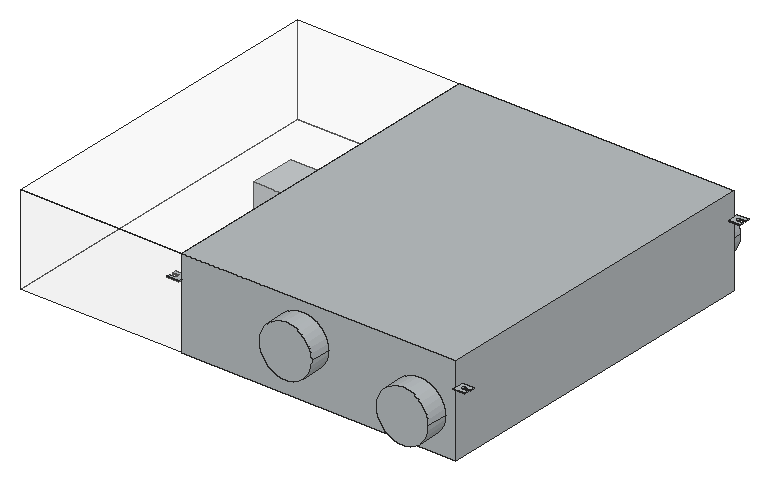
Revit family "lgh-n50_100rkx2(d)_rks2(d)_60Hz", category 機械設備, Revit 2019
Family settings
  丸型コネクタ寸法 = 直径を使用
  パーツ タイプ = 標準
  OmniClass 番号 = 23.75.10.34.21
  OmniClass タイトル = Heat Exchangers for Ventilation Air
  作業面ベース = いいえ
  常に垂直 = はい
  ロード時にボイドで切り取り = いいえ
  共有 = いいえ
  部屋計算ポイント = はい
Parameters (values of type "LGH-N50RKS2")
  騒音レベル(dB(A)) = 35.5
  風量 = MAX風量  # 500.0 m³/h
  面風速 = 4.4 m/s
  電源種別 [instance] = ""
  電圧 = 100 V
  電動機出力 = 0 W
  集中コントローラ = ""
  運転質量 = 0.00 kg
  連動 [instance] = ""
  質量 = if(製品質量 > 運転質量, 製品質量, 運転質量) * 1.2  # 60.00 kg
  負荷分類 = 3_ファン類
  説明 = "業務用ロスナイ 天井埋込形加湿付"
  設計風量 = 0.0 m³/h
  設置方法 = "天井吊(隠ぺい)形"
  記号 [instance] = ""
  製造元 = "三菱電機株式会社"
  製品質量 = 50.00 kg
  製品出荷対象 = "国内"
  製品リリース年月 = "2015/1/30"
  製品グループ = ""
  給水管_D = 358 mm
  給水管_H = 92 mm
  給水管_Depth = 10 mm
  系統 [instance] = ""
  符号 = "HEU"
  積算_科目 = "1 空気調和設備"
  積算_拾い区分 [instance] = ""
  相 = 1
  盤記号 [instance] = ""
  発停方法 [instance] = ""
  特殊仕様 [instance] = ""
  点検口高さ = -Height  # -331 mm
  点検口離隔 = 150 mm
  点検口2_Width = 点検口2_Depth  # 450 mm
  点検口1_Width = 点検口1_Depth  # 450 mm
  点検口2_Depth = 450 mm
  点検口1_Depth = 450 mm
  点検口1_Center = 444 mm
  点検口 = yes
  火災停止 [instance] = ""
  温度交換効率 = 74.00%
  消費電力_加湿器 = 0 W
  消費電力 = 356 W
  法定耐用年数 = "15"
  機外静圧_排気 = 170.0 Pa
  機外静圧 = 170.0 Pa
  極数 = 2
  材質 [instance] = ""
  本体マテリアル = 溶融亜鉛めっき鋼板
  有効加湿量 = 1.4
  操作・制御方式 = ""
  操作・制御スイッチ = ""
  排気量 = 0.0 m³/h
  形式_加湿器 = ""
  形式 = "天井埋込ダクト形"
  幹線記号 [instance] = ""
  対象室 [instance] = ""
  実風量 = 0.0 m³/h
  始動方式 [instance] = "直入"
  天吊金具_径 = 6.5 mm
  天吊金具_幅 = 20 mm
  外気量 = 設計風量  # 0.0 m³/h
  呼称 = "全熱交換ユニット"
  周波数 = 60 Hz
  吊りボルトピッチ2 = 1275 mm
  吊りボルトピッチ1 = 1064 mm
  吊りボルト_高さ = 85 mm
  参照している仕様書等のバージョン = ""
  加湿給水管径 = 21.7 mm
  初期抵抗 = 0.0 Pa
  分類コード = "50052504100070"
  分類グループ = ""
  価格 = 497000
  企業コード = "108420"
  付属品_フィルター_還気 = ""
  付属品_フィルター = ""
  付属品 [instance] = ""
  仕様書バージョン = "Version1.0"
  モデル = "LGH-N50RKS2"
  メンテナンススペース = yes
  ドレン管径 = 32 mm
  ドレン管_D = 307 mm
  ドレン管_H = 25 mm
  ドレン管_Depth = 10 mm
  コメント [instance] = ""
  Keynote = ""
  エンタルピ交換効率_暖房 = 68.50%
  エンタルピ交換効率_冷房 = 68.00%
  Assembly Code = ""
  Width = 1016 mm
  Version = ""
  Uniclass2015Version = "Systems v1.9"
  Uniclass2015Title = "Thermal wheels"
  Uniclass2015Code = "Pr_60_60_36_88"
  URL = "https://www.mitsubishielectric.co.jp/ldg/wink/ssl/displayProduct.do?pid=254501"
  SpecificationReference = ""
  SpecificationDescription = ""
  SMAX風量 = 500.0 m³/h
  SMAX静圧 = 170.0 Pa
  SAサイズ_W = 0 mm
  SAサイズ_D = 192 mm
  Revision = ""
  RAサイズ_W = 0 mm
  RAサイズ_D = 192 mm
  ProductInformation = ""
  OmniClassCode = "23-27 23 19 11"
  OAダクト接続口方向_標準 = yes
  OAダクト接続口方向_変更 = not(OAダクト接続口方向_標準)  # no
  OAサイズ_W = 0 mm
  OAサイズ_D = 192 mm
  MIN風量 = 205.0 m³/h
  MIN静圧 = 13.0 Pa
  MID風量 = 345.0 m³/h
  MID静圧 = 60.0 Pa
  MAX風量 = 500.0 m³/h
  MAX静圧 = 130.0 Pa
  IfcTypeProduct = ""
  IfcProduct = ""
  IfcExportType = "ROTARYWHEEL"
  IfcExportAs = "IfcAirToAirHeatRecoveryType"
  Height = 331 mm
  EAダクト接続口方向_標準 = yes
  EAダクト接続口方向_変更 = not(EAダクト接続口方向_標準)  # no
  EAサイズ_W = 0 mm
  EAサイズ_D = 192 mm
  Duct_Width_RA = 373 mm
  Duct_Pitch_SA_RA = 434 mm
  Duct_Pitch_OA_EA = 745 mm
  Duct_Height_SA = 199 mm
  Duct_Height = 135 mm
  Duct_Depth = 79 mm
  Duct_Change_Center = 124 mm
  Depth = 1288 mm
  Clearance Top = 0 mm
  Clearance Left = 600 mm
  Clearance Bottom = 0 mm
  Box_Depth = 172 mm
  Box_Height = 262 mm
  Box_H = 12 mm
  Box_Width = 115 mm
  Box_D = 476 mm
  Author = "三菱電機株式会社"
Types (16, lengths in mm): name | 騒音レベル(dB(A)) | 風量 | 面風速 | 電圧 | 質量 | 製品質量 | 給水管_D | 給水管_H | 点検口高さ | 点検口1_Center | 温度交換効率 | 消費電力 | 機外静圧_排気 | 機外静圧 | 極数 | 有効加湿量 | 天吊金具_径 | 天吊金具_幅 | 吊りボルトピッチ2 | 吊りボルトピッチ1 | 吊りボルト_高さ | 参照している仕様書等のバージョン | 価格 | モデル | ドレン管_D | ドレン管_H | エンタルピ交換効率_暖房 | エンタルピ交換効率_冷房 | Width | URL | SMAX風量 | SMAX静圧 | SAサイズ_D | RAサイズ_D | OAサイズ_D | MIN風量 | MIN静圧 | MID風量 | MID静圧 | MAX風量 | MAX静圧 | Height | EAサイズ_D | Duct_Width_RA | Duct_Pitch_SA_RA | Duct_Pitch_OA_EA | Duct_Height_SA | Duct_Height | Duct_Change_Center | Depth | Clearance Top | Box_H | Box_D
  LGH-N50RKS2 | 35.5 | 500.0 m³/h | 4.4 m/s | 100 V | 60.00 kg | 50.00 kg | 358 | 92 | -331 | 444 | 74.00% | 356 W | 170.0 Pa | 170.0 Pa | 2 | 1.4 | 6.5 | 20 | 1275 | 1064 | 85 | "" | 497000 | "LGH-N50RKS2" | 307 | 25 | 68.50% | 68.00% | 1016 | "https://www.mitsubishielectric.co.jp/ldg/wink/ssl/displayProduct.do?pid=254501" | 500.0 m³/h | 170.0 Pa | 192 | 192 | 192 | 205.0 m³/h | 13.0 Pa | 345.0 m³/h | 60.0 Pa | 500.0 m³/h | 130.0 Pa | 331 | 192 | 373 | 434 | 745 | 199 | 135 | 124 | 1288 | 0 | 12 | 476
  LGH-N50RKS2D | 35.5 | 500.0 m³/h | 4.4 m/s | 200 V | 60.00 kg | 50.00 kg | 358 | 92 | -331 | 444 | 74.00% | 345 W | 170.0 Pa | 170.0 Pa | 3 | 1.4 | 6.5 | 20 | 1275 | 1064 | 85 | "" | 497000 | "LGH-N50RKS2D" | 307 | 25 | 68.50% | 68.00% | 1016 | "https://www.mitsubishielectric.co.jp/ldg/wink/ssl/displayProduct.do?pid=254502" | 500.0 m³/h | 170.0 Pa | 192 | 192 | 192 | 180.0 m³/h | 10.0 Pa | 330.0 m³/h | 55.0 Pa | 500.0 m³/h | 130.0 Pa | 331 | 192 | 373 | 434 | 745 | 199 | 135 | 124 | 1288 | 0 | 12 | 476
  LGH-N50RKX2 | 35.5 | 500.0 m³/h | 4.4 m/s | 100 V | 60.00 kg | 50.00 kg | 358 | 92 | -331 | 444 | 74.00% | 356 W | 170.0 Pa | 170.0 Pa | 2 | 1.4 | 6.5 | 20 | 1275 | 1064 | 85 | "公共建築工事標準仕様書（機械設備工事編）平成31年度版" | 704000 | "LGH-N50RKX2" | 307 | 25 | 68.50% | 68.00% | 1016 | "https://www.mitsubishielectric.co.jp/ldg/wink/ssl/displayProduct.do?pid=254503" | 500.0 m³/h | 170.0 Pa | 192 | 192 | 192 | 205.0 m³/h | 13.0 Pa | 345.0 m³/h | 60.0 Pa | 500.0 m³/h | 130.0 Pa | 331 | 192 | 373 | 434 | 745 | 199 | 135 | 124 | 1288 | 0 | 12 | 476
  LGH-N50RKX2D | 35.5 | 500.0 m³/h | 4.4 m/s | 200 V | 60.00 kg | 50.00 kg | 358 | 92 | -331 | 444 | 74.00% | 345 W | 170.0 Pa | 170.0 Pa | 3 | 1.4 | 6.5 | 20 | 1275 | 1064 | 85 | "公共建築工事標準仕様書（機械設備工事編）平成31年度版" | 704000 | "LGH-N50RKX2D" | 307 | 25 | 68.50% | 68.00% | 1016 | "https://www.mitsubishielectric.co.jp/ldg/wink/ssl/displayProduct.do?pid=254504" | 500.0 m³/h | 170.0 Pa | 192 | 192 | 192 | 180.0 m³/h | 10.0 Pa | 330.0 m³/h | 55.0 Pa | 500.0 m³/h | 130.0 Pa | 331 | 192 | 373 | 434 | 745 | 199 | 135 | 124 | 1288 | 0 | 12 | 476
  LGH-N65RKS2 | 38 | 650.0 m³/h | 5.7 m/s | 100 V | 81.60 kg | 68.00 kg | 385 | 159 | -404 | 454 | 73.00% | 500 W | 195.0 Pa | 195.0 Pa | 2 | 1.84 | 6.5 | 30 | 1300 | 985 | 401 | "" | 564000 | "LGH-N65RKS2" | 190 | 23 | 68.50% | 67.50% | 954 | "https://www.mitsubishielectric.co.jp/ldg/wink/ssl/displayProduct.do?pid=254483" | 650.0 m³/h | 195.0 Pa | 192 | 192 | 192 | 240.0 m³/h | 19.0 Pa | 520.0 m³/h | 90.0 Pa | 650.0 m³/h | 140.0 Pa | 404 | 192 | 345 | 470 | 692 | 187 | 202 | 124 | 1390 | 300 | 13 | 543
  LGH-N65RKS2D | 38 | 650.0 m³/h | 5.7 m/s | 200 V | 81.60 kg | 68.00 kg | 385 | 159 | -404 | 454 | 73.00% | 505 W | 195.0 Pa | 195.0 Pa | 3 | 1.84 | 6.5 | 30 | 1300 | 985 | 401 | "" | 564000 | "LGH-N65RKS2D" | 190 | 23 | 68.50% | 67.50% | 954 | "https://www.mitsubishielectric.co.jp/ldg/wink/ssl/displayProduct.do?pid=254482" | 650.0 m³/h | 195.0 Pa | 192 | 192 | 192 | 240.0 m³/h | 19.0 Pa | 550.0 m³/h | 100.0 Pa | 650.0 m³/h | 140.0 Pa | 404 | 192 | 345 | 470 | 692 | 187 | 202 | 124 | 1390 | 300 | 13 | 543
  LGH-N65RKX2 | 38 | 650.0 m³/h | 5.7 m/s | 100 V | 81.60 kg | 68.00 kg | 385 | 159 | -404 | 454 | 73.00% | 500 W | 195.0 Pa | 195.0 Pa | 2 | 1.84 | 6.5 | 30 | 1300 | 985 | 401 | "公共建築工事標準仕様書（機械設備工事編）平成31年度版" | 797000 | "LGH-N65RKX2" | 190 | 23 | 68.50% | 67.50% | 954 | "https://www.mitsubishielectric.co.jp/ldg/wink/ssl/displayProduct.do?pid=254481" | 650.0 m³/h | 195.0 Pa | 192 | 192 | 192 | 240.0 m³/h | 19.0 Pa | 520.0 m³/h | 90.0 Pa | 650.0 m³/h | 140.0 Pa | 404 | 192 | 345 | 470 | 692 | 187 | 202 | 124 | 1390 | 300 | 13 | 543
  LGH-N65RKX2D | 38 | 650.0 m³/h | 5.7 m/s | 200 V | 81.60 kg | 68.00 kg | 385 | 159 | -404 | 454 | 73.00% | 505 W | 195.0 Pa | 195.0 Pa | 3 | 1.84 | 6.5 | 30 | 1300 | 985 | 401 | "公共建築工事標準仕様書（機械設備工事編）平成31年度版" | 797000 | "LGH-N65RKX2D" | 190 | 23 | 68.50% | 67.50% | 954 | "https://www.mitsubishielectric.co.jp/ldg/wink/ssl/displayProduct.do?pid=254480" | 650.0 m³/h | 195.0 Pa | 192 | 192 | 192 | 240.0 m³/h | 19.0 Pa | 550.0 m³/h | 100.0 Pa | 650.0 m³/h | 140.0 Pa | 404 | 192 | 345 | 470 | 692 | 187 | 202 | 124 | 1390 | 300 | 13 | 543
  LGH-N80RKS2 | 36 | 800.0 m³/h | 4.5 m/s | 100 V | 93.60 kg | 78.00 kg | 385 | 173 | -404 | 572 | 75.00% | 585 W | 200.0 Pa | 200.0 Pa | 2 | 2.21 | 7.5 | 30 | 1465 | 1043 | 401 | "" | 622000 | "LGH-N80RKS2" | 190 | 23 | 71.00% | 70.00% | 1004 | "https://www.mitsubishielectric.co.jp/ldg/wink/ssl/displayProduct.do?pid=254479" | 800.0 m³/h | 200.0 Pa | 242 | 242 | 242 | 240.0 m³/h | 10.0 Pa | 560.0 m³/h | 56.0 Pa | 800.0 m³/h | 115.0 Pa | 404 | 242 | 345 | 400 | 690 | 217 | 202 | 165 | 1572 | 300 | 126 | 571
  LGH-N80RKS2D | 36 | 800.0 m³/h | 4.5 m/s | 200 V | 93.60 kg | 78.00 kg | 385 | 173 | -404 | 572 | 75.00% | 625 W | 200.0 Pa | 200.0 Pa | 3 | 2.21 | 7.5 | 30 | 1465 | 1043 | 401 | "" | 622000 | "LGH-N80RKS2D" | 190 | 23 | 71.00% | 70.00% | 1004 | "https://www.mitsubishielectric.co.jp/ldg/wink/ssl/displayProduct.do?pid=254478" | 800.0 m³/h | 200.0 Pa | 242 | 242 | 242 | 270.0 m³/h | 13.0 Pa | 460.0 m³/h | 38.0 Pa | 800.0 m³/h | 115.0 Pa | 404 | 242 | 345 | 400 | 690 | 217 | 202 | 165 | 1572 | 300 | 126 | 571
  LGH-N80RKX2 | 36 | 800.0 m³/h | 4.5 m/s | 100 V | 93.60 kg | 78.00 kg | 385 | 173 | -404 | 572 | 75.00% | 585 W | 200.0 Pa | 200.0 Pa | 2 | 2.21 | 7.5 | 30 | 1465 | 1043 | 401 | "公共建築工事標準仕様書（機械設備工事編）平成31年度版" | 882000 | "LGH-N80RKX2" | 190 | 23 | 71.00% | 70.00% | 1004 | "https://www.mitsubishielectric.co.jp/ldg/wink/ssl/displayProduct.do?pid=254477" | 800.0 m³/h | 200.0 Pa | 242 | 242 | 242 | 240.0 m³/h | 10.0 Pa | 560.0 m³/h | 56.0 Pa | 800.0 m³/h | 115.0 Pa | 404 | 242 | 345 | 400 | 690 | 217 | 202 | 165 | 1572 | 300 | 126 | 571
  LGH-N80RKX2D | 36 | 800.0 m³/h | 4.5 m/s | 200 V | 93.60 kg | 78.00 kg | 385 | 173 | -404 | 572 | 75.00% | 625 W | 200.0 Pa | 200.0 Pa | 3 | 2.21 | 7.5 | 30 | 1465 | 1043 | 401 | "公共建築工事標準仕様書（機械設備工事編）平成31年度版" | 882000 | "LGH-N80RKX2D" | 190 | 23 | 71.00% | 70.00% | 1004 | "https://www.mitsubishielectric.co.jp/ldg/wink/ssl/displayProduct.do?pid=254476" | 800.0 m³/h | 200.0 Pa | 242 | 242 | 242 | 270.0 m³/h | 13.0 Pa | 460.0 m³/h | 38.0 Pa | 800.0 m³/h | 115.0 Pa | 404 | 242 | 345 | 400 | 690 | 217 | 202 | 165 | 1572 | 300 | 126 | 571
  LGH-N100RKS2-60 | 38 | 1000.0 m³/h | 5.7 m/s | 100 V | 108.00 kg | 90.00 kg | 385 | 173 | -404 | 572 | 75.00% | 720 W | 165.0 Pa | 165.0 Pa | 2 | 2.8 | 7.5 | 30 | 1465 | 1270 | 401 | "" | 755000 | "LGH-N100RKS2-60" | 190 | 23 | 71.00% | 70.00% | 1231 | "https://www.mitsubishielectric.co.jp/ldg/wink/ssl/displayProduct.do?pid=254473" | 1000.0 m³/h | 165.0 Pa | 242 | 242 | 242 | 300.0 m³/h | 9.0 Pa | 670.0 m³/h | 45.0 Pa | 1000.0 m³/h | 95.0 Pa | 404 | 242 | 459 | 560 | 917 | 237 | 162 | 165 | 1572 | 300 | 126 | 571
  LGH-N100RKS2D-60 | 38 | 1000.0 m³/h | 5.7 m/s | 200 V | 108.00 kg | 90.00 kg | 385 | 173 | -404 | 572 | 75.00% | 705 W | 165.0 Pa | 165.0 Pa | 3 | 2.8 | 7.5 | 30 | 1465 | 1270 | 401 | "" | 755000 | "LGH-N100RKS2D-60" | 190 | 23 | 71.00% | 70.00% | 1231 | "https://www.mitsubishielectric.co.jp/ldg/wink/ssl/displayProduct.do?pid=254485" | 1000.0 m³/h | 165.0 Pa | 242 | 242 | 242 | 340.0 m³/h | 10.0 Pa | 740.0 m³/h | 50.0 Pa | 1000.0 m³/h | 95.0 Pa | 404 | 242 | 459 | 560 | 917 | 237 | 162 | 165 | 1572 | 300 | 126 | 571
  LGH-N100RKX2-60 | 38 | 1000.0 m³/h | 5.7 m/s | 100 V | 108.00 kg | 90.00 kg | 385 | 173 | -404 | 572 | 75.00% | 720 W | 165.0 Pa | 165.0 Pa | 2 | 2.8 | 7.5 | 30 | 1465 | 1270 | 401 | "" | 1062000 | "LGH-N100RKX2-60" | 190 | 23 | 71.00% | 70.00% | 1231 | "https://www.mitsubishielectric.co.jp/ldg/wink/ssl/displayProduct.do?pid=254487" | 1000.0 m³/h | 165.0 Pa | 242 | 242 | 242 | 300.0 m³/h | 9.0 Pa | 670.0 m³/h | 45.0 Pa | 1000.0 m³/h | 95.0 Pa | 404 | 242 | 459 | 560 | 917 | 237 | 162 | 165 | 1572 | 300 | 126 | 571
  LGH-N100RKX2D-60 | 38 | 1000.0 m³/h | 5.7 m/s | 200 V | 108.00 kg | 90.00 kg | 385 | 173 | -404 | 572 | 75.00% | 705 W | 165.0 Pa | 165.0 Pa | 3 | 2.8 | 7.5 | 30 | 1465 | 1270 | 401 | "" | 1062000 | "LGH-N100RKX2D-60" | 190 | 23 | 71.00% | 70.00% | 1231 | "https://www.mitsubishielectric.co.jp/ldg/wink/ssl/displayProduct.do?pid=254489" | 1000.0 m³/h | 165.0 Pa | 242 | 242 | 242 | 340.0 m³/h | 10.0 Pa | 740.0 m³/h | 50.0 Pa | 1000.0 m³/h | 95.0 Pa | 404 | 242 | 459 | 560 | 917 | 237 | 162 | 165 | 1572 | 300 | 126 | 571
Reference planes
  plane 1 "中心(正面/背面)": y = 0
  plane 2: z = 0
  plane 3 "中心(左/右)": x = 0
  plane 4: x = -508
  plane 5: x = 508
  plane 6: y = 644
  plane 7: y = -644
  plane 8: z = -331
  plane 9: z = -196
  plane 10: z = -132
  plane 11: x = 373
  plane 12: x = -61
  plane 13: y = -723
  plane 14: y = 723
  plane 15: x = -372.5
  plane 16: x = 372.5
  plane 17: y = -168
  plane 18: z = -12
  plane 19: y = 4
  plane 20: z = -274
  plane 21: x = -623
  plane 22: y = -337
  plane 23: y = -286
  plane 24: z = -306
  plane 25: z = -239
  plane 26: x = -518
  plane 27: x = -518
  plane 28: y = 520
  plane 29: x = -587
  plane 30: x = 587
  plane 31: x = -1108
  plane 32: z = -331
  plane 33: y = -194
  plane 34: x = -658
  plane 35: y = 425
  plane 36: x = -532
  plane 37: x = 532
  plane 38: y = -637.5
  plane 39: y = 637.5
  plane 40: y = 200
  plane 41: y = -25
  plane 42: x = -552
  plane 43: x = 552
  plane 44: y = 617.5
  plane 45: y = 657.5
  plane 46: z = -85
  plane 47: z = -88
  plane 48: y = -617.5
  plane 49: y = -657.5
  plane 50: z = 0
Forms (mm)
  Extrusion 1, solid, material "溶融亜鉛めっき鋼板" <- "本体マテリアル", detail levels fine
    sketch origin (0, 0, 0) x (1, 0, 0) y (0, 1, 0)
      loop
        line (-508, 644) -> (-508, -644) -> (508, -644) -> (508, 644) -> (-508, 644)
    from 0 to -331
  Extrusion 2, solid, material "溶融亜鉛めっき鋼板" <- "本体マテリアル", detail levels fine
    sketch origin (0, 0, 0) x (1, 0, 0) y (0, 0, 1)
      loop
        circle (-61, -132) r 96
    from 644 to 723
  Extrusion 3, solid, material "溶融亜鉛めっき鋼板" <- "本体マテリアル", visible <- "OAダクト接続口方向_標準", detail levels fine
    sketch origin (0, 0, 0) x (1, 0, 0) y (0, 0, 1)
      loop
        circle (-372.5, -196) r 96
    from -723 to -644
  Extrusion 4, solid, material "溶融亜鉛めっき鋼板" <- "本体マテリアル", visible <- "EAダクト接続口方向_標準", detail levels fine
    sketch origin (0, 0, 0) x (1, 0, 0) y (0, 0, 1)
      loop
        circle (372.5, -196) r 96
    from -723 to -644
  Extrusion 5, solid, material "溶融亜鉛めっき鋼板" <- "本体マテリアル", detail levels fine
    sketch origin (0, 0, 0) x (0, 1, 0) y (0, 0, 1)
      loop
        line (-168, -12) -> (-168, -274) -> (4, -274) -> (4, -12) -> (-168, -12)
    from -623 to -508
  Extrusion 6, solid, material "溶融亜鉛めっき鋼板" <- "本体マテリアル", detail levels fine
    sketch origin (0, 0, 0) x (0, 1, 0) y (0, 0, 1)
      loop
        circle (-337, -306) r 16
    from -518 to -508
  Extrusion 7, solid, material "溶融亜鉛めっき鋼板" <- "本体マテリアル", detail levels fine
    sketch origin (0, 0, 0) x (0, 1, 0) y (0, 0, 1)
      loop
        circle (-286, -239) r 10.85
    from -518 to -508
  Extrusion 8, solid, material "溶融亜鉛めっき鋼板" <- "本体マテリアル", visible <- "OAダクト接続口方向_変更", detail levels fine
    sketch origin (0, 0, 0) x (0, 1, 0) y (0, 0, 1)
      loop
        circle (520, -196) r 96
    from -587 to -508
  Extrusion 9, solid, material "溶融亜鉛めっき鋼板" <- "本体マテリアル", visible <- "EAダクト接続口方向_変更", detail levels fine
    sketch origin (0, 0, 0) x (0, 1, 0) y (0, 0, 1)
      loop
        circle (520, -196) r 96
    from 508 to 587
  Extrusion 10, solid, material "溶融亜鉛めっき鋼板" <- "本体マテリアル", detail levels fine
    sketch origin (0, 0, 0) x (1, 0, 0) y (0, 1, 0)
      loop
        line (-508, 657.5) -> (-552, 657.5) -> (-552, 644) -> (-532, 644)
        arc (-532, 644) -> (-525.5, 637.5) -> (-532, 631) r 6.5
        line (-532, 631) -> (-552, 631) -> (-552, 617.5) -> (-508, 617.5) -> (-508, 657.5)
    from -85 to -88
  Extrusion 11, solid, material "溶融亜鉛めっき鋼板" <- "本体マテリアル", detail levels fine
    sketch origin (0, 0, 0) x (-1, 0, 0) y (0, -1, 0)
      loop
        line (-508, -657.5) -> (-508, -617.5) -> (-552, -617.5) -> (-552, -631) -> (-532, -631)
        arc (-532, -631) -> (-525.5, -637.5) -> (-532, -644) r 6.5
        line (-532, -644) -> (-552, -644) -> (-552, -657.5) -> (-508, -657.5)
    from -85 to -88
  Extrusion 12, solid, material "溶融亜鉛めっき鋼板" <- "本体マテリアル", detail levels fine
    sketch origin (0, 0, 0) x (-1, 0, 0) y (0, -1, 0)
      loop
        line (-508, 657.5) -> (-552, 657.5) -> (-552, 644) -> (-532, 644)
        arc (-532, 644) -> (-525.5, 637.5) -> (-532, 631) r 6.5
        line (-532, 631) -> (-552, 631) -> (-552, 617.5) -> (-508, 617.5) -> (-508, 657.5)
    from -85 to -88
  Extrusion 13, solid, material "溶融亜鉛めっき鋼板" <- "本体マテリアル", detail levels fine
    sketch origin (0, 0, 0) x (1, 0, 0) y (0, 1, 0)
      loop
        line (-508, -657.5) -> (-508, -617.5) -> (-552, -617.5) -> (-552, -631) -> (-532, -631)
        arc (-532, -631) -> (-525.5, -637.5) -> (-532, -644) r 6.5
        line (-532, -644) -> (-552, -644) -> (-552, -657.5) -> (-508, -657.5)
    from -85 to -88
  Extrusion 14, solid, material "溶融亜鉛めっき鋼板" <- "本体マテリアル", detail levels fine
    sketch origin (0, 0, 0) x (1, 0, 0) y (0, 0, 1)
      loop
        circle (373, -196) r 96
    from 644 to 723
Lines and regions (mm)
  Masking region 1, detail levels coarse+medium
    outline origin (0, 0, 0) x (1, 0, 0) y (0, 1, 0)
      loop
        line (-508, 644) -> (-508, -644) -> (508, -644) -> (508, 644) -> (-508, 644)
  symbolic lines, detail levels coarse+medium
    curve 1: line (-1.977, 641.477, 0) -> (-508, 0, 0)
    curve 2: line (-508, 0, 0) -> (1.977, -641.477, 0)
    curve 3: line (1.977, -641.477, 0) -> (508, 0, 0)
    curve 4: line (508, 0, 0) -> (-1.977, 641.477, 0)
Dimensions and locks
  equal spacing: plane 4, plane 3 "中心(左/右)", plane 5
  "Width": plane 4 to plane 5
  equal spacing: plane 6, plane 1 "中心(正面/背面)", plane 7
  "Depth": plane 6 to plane 7
  "Height": level to plane 8
  "Duct_Height": plane 9 to plane 8
  "Duct_Height_SA": plane 10 to plane 8
  "Duct_Width_RA": plane 11 to plane 3 "中心(左/右)"
  "Duct_Pitch_SA_RA": plane 11 to plane 12
  "Duct_Depth": plane 7 to plane 13
  "Duct_Depth": plane 6 to plane 14
  equal spacing: plane 15, plane 3 "中心(左/右)", plane 16
  "Duct_Pitch_OA_EA": plane 15 to plane 16
  "Box_D": plane 17 to plane 7
  "Box_Depth": plane 19 to plane 17
  "Box_Height": plane 18 to plane 20
  "Box_Width": plane 21 to plane 4
  "ドレン管_D": plane 22 to plane 7
  "給水管_D": plane 23 to plane 7
  "ドレン管_H": plane 8 to plane 24
  "給水管_H": plane 8 to plane 25
  "給水管_Depth": plane 26 to plane 4
  "ドレン管_Depth": plane 27 to plane 4
  "Duct_Change_Center": plane 6 to plane 28
  "Duct_Depth": plane 29 to plane 4
  "Duct_Depth": plane 5 to plane 30
  "Clearance Left": plane 31 to plane 4
  "点検口2_Depth": plane 33 to plane 7
  "点検口離隔": plane 34 to plane 4
  equal spacing: plane 36, plane 3 "中心(左/右)", plane 37
  "吊りボルトピッチ1": plane 36 to plane 37
  equal spacing: plane 39, plane 1 "中心(正面/背面)", plane 38
  "吊りボルトピッチ2": plane 39 to plane 38
  "点検口1_Center": plane 6 to plane 40
  equal spacing: plane 41, plane 40, plane 35
  "点検口1_Depth": plane 35 to plane 41
  "天吊金具_幅": plane 42 to plane 36
  "天吊金具_幅": plane 37 to plane 43
  locked: plane 45 to plane 44 at 40
  equal spacing: plane 45, plane 39, plane 44
  "吊りボルト_高さ": level to plane 46
  locked: plane 46 to plane 47 at 3
  locked: plane 49 to plane 48 at 40
  equal spacing: plane 49, plane 38, plane 48
  "Box_H": level to plane 18
  "Clearance Bottom": plane 8 to plane 32
  "Clearance Top": plane 50 to level
  "SAサイズ_D": diameter of Extrusion 2 sketch curve
  "OAサイズ_D": diameter of Extrusion 3 sketch curve
  "EAサイズ_D": diameter of Extrusion 4 sketch curve
  "ドレン管径": diameter of Extrusion 6 sketch curve
  "加湿給水管径": diameter of Extrusion 7 sketch curve
  "OAサイズ_D": diameter of Extrusion 8 sketch curve
  "EAサイズ_D": diameter of Extrusion 9 sketch curve
  "天吊金具_径": radius of Extrusion 10 sketch curve
  "天吊金具_径": radius of Extrusion 11 sketch curve
  "天吊金具_径": radius of Extrusion 12 sketch curve
  "天吊金具_径": radius of Extrusion 13 sketch curve
  "RAサイズ_D": diameter of Extrusion 14 sketch curve
  aligned and locked: level to plane 2
  aligned and locked: Masking region 1 to plane 7
  aligned and locked: Masking region 1 to plane 4
  aligned and locked: plane 6 to Masking region 1
  aligned and locked: plane 5 to Masking region 1
  aligned and locked: Extrusion 1 to plane 8
  aligned and locked: plane 7 to Extrusion 2
  aligned and locked: Extrusion 4 to plane 14
  aligned and locked: Extrusion 3 to plane 14
  aligned and locked: Extrusion 3 to plane 6
  aligned and locked: Extrusion 4 to plane 6
  aligned and locked: Extrusion 5 to plane 21
  aligned and locked: Extrusion 5 to plane 20
  aligned and locked: plane 17 to Extrusion 5
  aligned and locked: Extrusion 5 to plane 19
  aligned and locked: plane 18 to Extrusion 5
  aligned and locked: plane 4 to Extrusion 7
  aligned and locked: Extrusion 7 to plane 26
  aligned and locked: Extrusion 6 to plane 27
  aligned and locked: plane 4 to Extrusion 6
  aligned and locked: Extrusion 8 to plane 29
  aligned and locked: plane 4 to Extrusion 8
  aligned and locked: plane 30 to Extrusion 9
  aligned and locked: Extrusion 9 to plane 5
  aligned and locked: plane 32 to nested 1
  aligned and locked: plane 4 to nested 1
  aligned and locked: plane 31 to nested 1
  aligned and locked: nested 1 to plane 6
  aligned and locked: nested 1 to plane 7
  aligned and locked: plane 37 to nested 2
  aligned and locked: plane 39 to nested 2
  aligned and locked: nested 2 to plane 38
  aligned and locked: plane 36 to nested 2
  aligned and locked: plane 34 to nested 3
  aligned and locked: nested 3 to plane 35
  aligned and locked: plane 34 to nested 4
  aligned and locked: plane 7 to nested 4
  aligned and locked: plane 33 to nested 4
  aligned and locked: plane 41 to nested 3
  aligned and locked: Extrusion 10 to plane 42  (x2)
  aligned and locked: Extrusion 10 to plane 45
  aligned and locked: Extrusion 10 to plane 44
  aligned and locked: Extrusion 10 to Masking region 1
  aligned and locked: Extrusion 10 to plane 46
  aligned and locked: Extrusion 10 to plane 47
  aligned and locked: Extrusion 11 to plane 43  (x2)
  aligned and locked: Extrusion 11 to plane 45
  aligned and locked: Extrusion 11 to plane 44
  aligned and locked: Extrusion 11 to Masking region 1
  aligned and locked: Extrusion 12 to plane 49
  aligned and locked: Extrusion 12 to plane 48
  aligned and locked: Extrusion 13 to plane 49
  aligned and locked: Extrusion 13 to plane 42  (x2)
  aligned and locked: Extrusion 13 to plane 48
  aligned and locked: Extrusion 13 to Masking region 1
  aligned and locked: Extrusion 13 to Extrusion 10  (x2)
  aligned and locked: Extrusion 12 to plane 47
  aligned and locked: plane 46 to Extrusion 12
  aligned and locked: plane 46 to Extrusion 11
  aligned and locked: Extrusion 11 to plane 47
  aligned and locked: Extrusion 5 to Masking region 1
  aligned and locked: Extrusion 2 to plane 13
  aligned and locked: Extrusion 2 to Extrusion 14
  aligned and locked: Extrusion 14 to Masking region 1
  aligned and locked: plane 50 to nested 1
Automatic sketch dimensions
  plane 1 "中心(正面/背面)" to curve 1 = 0 mm
  curve 1 to plane 4 = 0 mm
  plane 1 "中心(正面/背面)" to curve 4 = 0 mm
  curve 4 to plane 5 = 0 mm
  curve 4 to plane 3 "中心(左/右)" = 1.977 mm
  plane 3 "中心(左/右)" to curve 3 = 1.977 mm
  plane 7 to curve 3 = 2.523 mm
  curve 4 to plane 6 = 2.523 mm
  Masking region 1 sketch curve to plane 4 = 0 mm
  Masking region 1 sketch curve to plane 5 = 0 mm
  Masking region 1 sketch curve to plane 7 = 0 mm
  Masking region 1 sketch curve to plane 6 = 0 mm
  Extrusion 1 sketch curve to plane 4 = 0 mm
  Extrusion 1 sketch curve to plane 5 = 0 mm
  Extrusion 1 sketch curve to plane 7 = 0 mm
  Extrusion 1 sketch curve to plane 6 = 0 mm
  Extrusion 2 sketch curve to plane 10 = 0 mm
  Extrusion 2 sketch curve to plane 12 = 0 mm
  Extrusion 3 sketch curve to plane 9 = 0 mm
  plane 15 to Extrusion 3 sketch curve = 0 mm
  Extrusion 4 sketch curve to plane 9 = 0 mm
  plane 16 to Extrusion 4 sketch curve = 0 mm
  Extrusion 5 sketch curve to plane 17 = 0 mm
  Extrusion 5 sketch curve to plane 19 = 0 mm
  Extrusion 5 sketch curve to plane 20 = 0 mm
  Extrusion 5 sketch curve to plane 18 = 0 mm
  Extrusion 6 sketch curve to plane 22 = 0 mm
  plane 24 to Extrusion 6 sketch curve = 0 mm
  Extrusion 7 sketch curve to plane 23 = 0 mm
  plane 25 to Extrusion 7 sketch curve = 0 mm
  Extrusion 8 sketch curve to plane 9 = 0 mm
  Extrusion 8 sketch curve to plane 28 = 0 mm
  Extrusion 9 sketch curve to plane 9 = 0 mm
  Extrusion 9 sketch curve to plane 28 = 0 mm
  Extrusion 14 sketch curve to plane 9 = 0 mm
  Extrusion 14 sketch curve to plane 11 = 0 mm
  Extrusion 10 sketch curve to plane 42 = 0 mm  (x2)
  Extrusion 10 sketch curve to plane 36 = 0 mm
  Extrusion 10 sketch curve to plane 4 = 0 mm
  Extrusion 10 sketch curve to plane 44 = 0 mm
  Extrusion 10 sketch curve to plane 39 = 0 mm
  plane 45 to Extrusion 10 sketch curve = 0 mm
  Extrusion 11 sketch curve to plane 43 = 0 mm  (x2)
  Extrusion 11 sketch curve to plane 37 = 0 mm
  Extrusion 11 sketch curve to plane 5 = 0 mm
  Extrusion 11 sketch curve to plane 44 = 0 mm
  Extrusion 11 sketch curve to plane 39 = 0 mm
  plane 45 to Extrusion 11 sketch curve = 0 mm
  Extrusion 12 sketch curve to plane 43 = 0 mm  (x2)
  Extrusion 12 sketch curve to plane 37 = 0 mm
  Extrusion 12 sketch curve to plane 5 = 0 mm
  plane 48 to Extrusion 12 sketch curve = 0 mm
  Extrusion 12 sketch curve to plane 38 = 0 mm
  Extrusion 12 sketch curve to plane 49 = 0 mm
  Extrusion 13 sketch curve to plane 42 = 0 mm  (x2)
  Extrusion 13 sketch curve to plane 36 = 0 mm
  Extrusion 13 sketch curve to plane 4 = 0 mm
  plane 48 to Extrusion 13 sketch curve = 0 mm
  Extrusion 13 sketch curve to plane 38 = 0 mm
  Extrusion 13 sketch curve to plane 49 = 0 mm
Nested families
  nested 1: "メンテナンススペース" at (-808, 0, -165.5), visible <- "メンテナンススペース", type "メンテナンススペース"
    with Width 600 mm, Height 331 mm, Depth 1288 mm
  nested 2: "固定点" at (-532, -637.5, 0), type "固定点"
    with W 1064 mm, D 1275 mm
  nested 3: "点検口設置範囲" at (-883, 200, -331), Width <- "点検口1_Width", built-in parameter 1001364 <- "点検口高さ", visible <- "点検口", type "点検口設置範囲"
    with Width 450 mm, Depth 450 mm
  nested 4: "点検口設置範囲" at (-883, -419, -331), Width <- "点検口2_Width", built-in parameter 1001364 <- "点検口高さ", visible <- "点検口", type "点検口設置範囲"
    with Width 450 mm, Depth 450 mm
Connectors
  electrical at (-565.5, -168, -143), driven by "極数", driven by "負荷分類", driven by "電圧", driven by "消費電力"
    settings: on Extrusion 5, index 1, voltage 100 V, apparent load 356 VA, apparent load phase1 0 VA, apparent load phase2 0 VA, apparent load phase3 0 VA, power factor 1, load classification "3_ファン類", number of poles 2, system type 30, power factor state 1, is connector primary yes, connector utility no, sub classification motor no, connector description ""
  piping at (-518, -286, -239), diameter 21.7, driven by "加湿給水管径"
    settings: on Extrusion 7, index 3, connector inside diameter 609.6 mm, connector length 0 mm, flow factor 0, pipe flow 0.0 L/s, pressure drop 0.0 Pa, fitting loss kfactor 0, connector angle 0.00°, fixture units 0, engagement length 0 mm, angle of deflection 0.00°, flow configuration 0, flow direction 1, fitting loss method 0, system type 19, joint type 0, gender type 0, connector reference index -1, connector utility 0, adjustable connector no, is connector primary yes, connector description ""
  piping at (-518, -337, -306), diameter 32, driven by "ドレン管径"
    settings: on Extrusion 6, index 5, connector inside diameter 609.6 mm, connector length 0 mm, flow factor 0, pipe flow 0.0 L/s, pressure drop 0.0 Pa, fitting loss kfactor 0, connector angle 0.00°, fixture units 0, engagement length 0 mm, angle of deflection 0.00°, flow configuration 0, flow direction 2, fitting loss method 0, system type 16, joint type 0, gender type 0, connector reference index -1, connector utility 0, adjustable connector no, is connector primary no, connector description ""
  hvac at (-61, -723, -132), driven by "SAサイズ_D", driven by "MAX静圧", driven by "風量"
    settings: on Extrusion 2, index 6, duct flow 500.0 m³/h, flow factor 0, pres drop 130.0 Pa, loss coef 0, conn angle 0.00°, conn width 304.8 mm, conn height 304.8 mm, conn diameter 192 mm, duct sys type 1, conn prof type 0, flow config 1, flow direction 2, loss method 4, conn ref index -1, conn util no, is conn primary yes, conn desc ""
  hvac at (372.5, 723, -196), driven by "機外静圧_排気", driven by "排気量", driven by "EAサイズ_D"
    settings: on Extrusion 4, index 8, duct flow 0.0 m³/h, flow factor 0, pres drop 170.0 Pa, loss coef 0, conn angle 0.00°, conn width 304.8 mm, conn height 304.8 mm, conn diameter 192 mm, duct sys type 3, conn prof type 0, flow config 0, flow direction 2, loss method 4, conn ref index -1, conn util no, is conn primary no, conn desc ""
  hvac at (-372.5, 723, -196), driven by "機外静圧", driven by "外気量", driven by "OAサイズ_D"
    settings: on Extrusion 3, index 9, duct flow 0.0 m³/h, flow factor 0, pres drop 170.0 Pa, loss coef 0, conn angle 0.00°, conn width 304.8 mm, conn height 304.8 mm, conn diameter 192 mm, duct sys type 4, conn prof type 0, flow config 0, flow direction 1, loss method 4, conn ref index -1, conn util no, is conn primary no, conn desc ""
  hvac at (-587, 520, -196), driven by "OAサイズ_D", driven by "機外静圧", driven by "風量"
    settings: on Extrusion 8, index 10, duct flow 500.0 m³/h, flow factor 0, pres drop 170.0 Pa, loss coef 0, conn angle 0.00°, conn width 304.8 mm, conn height 304.8 mm, conn diameter 192 mm, duct sys type 3, conn prof type 0, flow config 0, flow direction 1, loss method 4, conn ref index -1, conn util no, is conn primary no, conn desc ""
  hvac at (587, 520, -196), driven by "EAサイズ_D", driven by "機外静圧_排気", driven by "排気量"
    settings: on Extrusion 9, index 11, duct flow 0.0 m³/h, flow factor 0, pres drop 170.0 Pa, loss coef 0, conn angle 0.00°, conn width 304.8 mm, conn height 304.8 mm, conn diameter 192 mm, duct sys type 3, conn prof type 0, flow config 0, flow direction 2, loss method 4, conn ref index -1, conn util no, is conn primary no, conn desc ""
  hvac at (373, -723, -196), driven by "RAサイズ_D", driven by "機外静圧", driven by "風量"
    settings: on Extrusion 14, index 12, duct flow 500.0 m³/h, flow factor 0, pres drop 170.0 Pa, loss coef 0, conn angle 0.00°, conn width 304.8 mm, conn height 304.8 mm, conn diameter 192 mm, duct sys type 2, conn prof type 0, flow config 0, flow direction 1, loss method 4, conn ref index -1, conn util no, is conn primary no, conn desc ""
Definition of nested family "メンテナンススペース"
  Parameters (values of type "メンテナンススペース")
    Width [instance] = 500 mm
    Height [instance] = 500 mm
    Depth [instance] = 500 mm
  Reference planes
    plane 1 "中心(正面/背面)": y = 0
    plane 2: z = 0
    plane 3 "中心(左/右)": x = 0
    plane 4: y = -250
    plane 5: x = 250
    plane 6: y = 250
    plane 7: x = -250
    plane 8: z = 250
    plane 9: z = -250
  Forms (mm)
    Extrusion 1, solid
      sketch origin (-638.939, 0, 72.39) x (1, 0, 0) y (0, 1, 0)
        loop
          line (388.939, 250) -> (388.939, -250) -> (888.939, -250) -> (888.939, 250) -> (388.939, 250)
      from -322.39 to 177.61
  Lines and regions (mm)
    symbolic lines
      curve 1: line (-250, 0, 250) -> (250, 0, 250)
      curve 2: line (-250, 0, -250) -> (-250, 0, 250)
      curve 3: line (250, 0, -250) -> (-250, 0, -250)
      curve 4: line (250, 0, 250) -> (250, 0, -250)
      curve 5: line (0, -250, 250) -> (0, 250, 250)
      curve 6: line (0, -250, -250) -> (0, -250, 250)
      curve 7: line (0, 250, -250) -> (0, -250, -250)
      curve 8: line (0, 250, 250) -> (0, 250, -250)
      curve 9: line (-250, 250, 0) -> (250, 250, 0)
      curve 10: line (-250, -250, 0) -> (-250, 250, 0)
      curve 11: line (250, -250, 0) -> (-250, -250, 0)
      curve 12: line (250, 250, 0) -> (250, -250, 0)
  Dimensions and locks
    equal spacing: plane 7, plane 3 "中心(左/右)", plane 5
    equal spacing: plane 4, plane 1 "中心(正面/背面)", plane 6
    "Depth": plane 4 to plane 6
    "Width": plane 7 to plane 5
    equal spacing: plane 8, plane 2, plane 9
    "Height": plane 8 to plane 9
    aligned and locked: plane 9 to curve 3
    aligned and locked: plane 7 to curve 2
    aligned and locked: curve 4 to plane 5
    aligned and locked: plane 5 to Extrusion 1
    aligned and locked: Extrusion 1 to plane 7
    aligned and locked: Extrusion 1 to plane 9
    aligned and locked: plane 8 to Extrusion 1
    aligned and locked: plane 9 to curve 7
  Automatic sketch dimensions
    plane 4 to Extrusion 1 sketch curve = 0 mm
    Extrusion 1 sketch curve to plane 7 = 0 mm
    Extrusion 1 sketch curve to plane 5 = 0 mm
    plane 6 to Extrusion 1 sketch curve = 0 mm
    curve 2 to plane 8 = 0 mm
    plane 4 to curve 11 = 0 mm
    curve 11 to plane 7 = 0 mm
    curve 11 to plane 5 = 0 mm
    plane 6 to curve 10 = 0 mm
    curve 7 to plane 4 = 0 mm
    curve 7 to plane 6 = 0 mm
    curve 6 to plane 8 = 0 mm
Definition of nested family "固定点"
  Parameters (values of type "固定点")
    中心円 = 20 mm
    W [instance] = 1000 mm
    D [instance] = 1000 mm
  Reference planes
    plane 1 "中心(正面/背面)": y = 0
    plane 2: z = 0
    plane 3 "中心(左/右)": x = 0
    plane 4: x = 1000
    plane 5: y = 1000
  Lines and regions (mm)
    symbolic lines, detail levels fine
      curve 1: circle (0, 1000, 0) r 10 normal (0, 0, 1)
      curve 2: circle (0, 0, 0) r 10 normal (0, 0, 1)
      curve 3: circle (1000, 1000, 0) r 10 normal (0, 0, 1)
      curve 4: circle (1000, 0, 0) r 10 normal (0, 0, 1)
      curve 5: line (-200, 1000, 0) -> (1200, 1000, 0)
      curve 6: line (-200, 0, 0) -> (1200, 0, 0)
      curve 7: line (0, 1200, 0) -> (0, -200, 0)
      curve 8: line (1000, 1200, 0) -> (1000, -200, 0)
  Dimensions and locks
    "W": plane 3 "中心(左/右)" to plane 4
    "D": plane 1 "中心(正面/背面)" to plane 5
    "中心円": diameter of curve 1
    "中心円": diameter of curve 2
    "中心円": diameter of curve 3
    "中心円": diameter of curve 4
    aligned and locked: level to plane 2
    aligned and locked: plane 5 to curve 1
    aligned and locked: plane 3 "中心(左/右)" to curve 1
    aligned and locked: plane 3 "中心(左/右)" to curve 2
    aligned and locked: plane 1 "中心(正面/背面)" to curve 2
    aligned and locked: plane 4 to curve 3
    aligned and locked: plane 5 to curve 3
    aligned and locked: plane 1 "中心(正面/背面)" to curve 4
    aligned and locked: plane 4 to curve 4
    aligned and locked: plane 1 "中心(正面/背面)" to curve 6
    aligned and locked: curve 7 to plane 3 "中心(左/右)"
    aligned and locked: curve 8 to plane 4
  Automatic sketch dimensions
    curve 5 to plane 5 = 0 mm
    curve 6 to plane 3 "中心(左/右)" = 200 mm
    curve 5 to plane 3 "中心(左/右)" = 200 mm
    curve 4 to curve 6 = 200 mm
    curve 3 to curve 5 = 200 mm
    plane 1 "中心(正面/背面)" to curve 8 = 200 mm
    plane 1 "中心(正面/背面)" to curve 7 = 200 mm
    curve 3 to curve 8 = 200 mm
    curve 1 to curve 7 = 200 mm
Definition of nested family "点検口設置範囲"
  Parameters (values of type "点検口設置範囲")
    Width [instance] = 1000 mm
    Depth [instance] = 700 mm
  Reference planes
    plane 1 "中心(正面/背面)": y = 0
    plane 2: z = 0
    plane 3 "中心(左/右)": x = 0
    plane 4: x = -500
    plane 5: x = 500
    plane 6: y = -350
    plane 7: y = 350
  Lines and regions (mm)
    model lines
      curve 1: line (-500, 350, 0) -> (500, 350, 0)
      curve 2: line (-500, -350, 0) -> (-500, 350, 0)
      curve 3: line (500, -350, 0) -> (-500, -350, 0)
      curve 4: line (500, 350, 0) -> (500, -350, 0)
  Dimensions and locks
    "Depth": plane 7 to plane 6
    "Width": plane 4 to plane 5
    equal spacing: plane 7, plane 1 "中心(正面/背面)", plane 6
    equal spacing: plane 4, plane 3 "中心(左/右)", plane 5
    aligned and locked: level to plane 2
    aligned and locked: plane 4 to curve 2
    aligned and locked: curve 1 to plane 7
    aligned and locked: curve 4 to plane 5
    aligned and locked: plane 6 to curve 3
